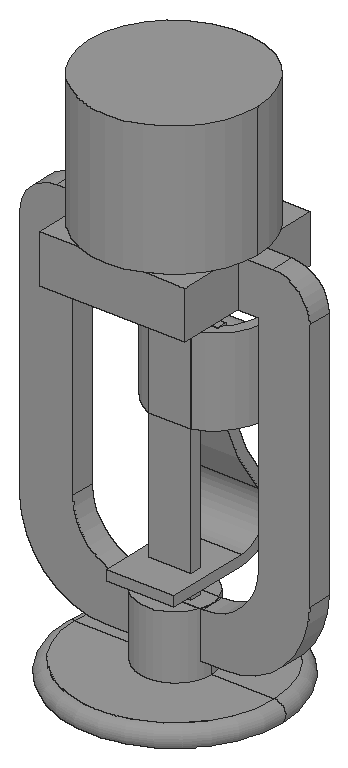
Revit family
Parameters (values of type "RASCO G PENDENT")
  Temperature Rating = 212 °F
  Response = (empty or 0)
  RASCO SIN # = "R1015"
  RASCO Part # = "GP2B"
  Pressure Rating = "175 PSI"
  Pressure Class = (empty or 0)
  Orifice Size = 1/2"
  Orifice = (empty or 0)
  Model = "G"
  Manufacturer = "RASCO"
  K-Factor = 5.62
  Description = "Bronze Finish"
  Coverage = (empty or 0)
Reference planes (in)
  plane 1 "Center (Front/Back)": y = 0
  plane 2: z = 0
  plane 3 "Center (Left/Right)": x = 0
Dimensions and locks (in)
  aligned and locked: plane 2 to level
Nested families (in)
  nested 1: "GP2B" at (-0.0055, -0.0269, 2.875) x (-1, 0, 0) z (0, 0, -1), type "RASCO G PENDENT"
Connectors (in)
  piping at (-0.0055, -0.0269, 2.875)
    settings: on nested 1, index 1, connector radius 0.45", flow factor 0, pipe flow 0 GPM, pressure drop 0.00 psi, fitting loss kfactor 0, connector angle 0.00°, fixture units 0, flow configuration 0, flow direction 0, fitting loss method 0, system type 7, connector reference index -1, connector utility 0, adjustable connector no, is connector primary yes, fitting loss table "", connector description ""
Definition of nested family "GP2B"
  Parameters (values of type "RASCO G PENDENT")
    Type Comments = ""
    Temperature Rating = 0 °F
    Response = (empty or 0)
    Pressure Rating = "0"
    Pressure Class = (empty or 0)
    Orifice Size = 0"
    Orifice = (empty or 0)
    Model = ""
    Manufacturer = ""
    K-Factor = 0
    Description = ""
    Coverage = (empty or 0)
    Assembly Code = ""
  Reference planes (in)
    plane 1 "Center (Front/Back)": y = 0
    plane 2: z = 0
    plane 3 "ref.2": z = 0.6875
    plane 4 "ref.3": z = 0.9375
    plane 5: x = -0.38065
    plane 6: x = 0.36935
    plane 7 "ref. side 1": y = 0.06402
    plane 8 "ref. side 2": y = -0.06098
    plane 9 "ref.4": z = 1.875
    plane 10 "ref.5": z = 2.875
    plane 11 "center": x = -0.00574
  Forms (in)
    Extrusion 1, solid, material "Default"
      sketch origin (0, 0, 0) x (1, 0, 0) y (0, 1, 0)
        loop
          circle (0, 0) r 0.438
      from 0 to 0.6875
    Extrusion 2, solid, material "Default"
      sketch origin (-0.12185, 0.05177, 0.6875) x (1, 0, 0) y (0, 1, 0)
        loop
          line (-0.2588, 0.356) -> (-0.2588, -0.4565) -> (0.4912, -0.4565) -> (0.4912, 0.356) -> (-0.2588, 0.356)
      from 0 to 0.25
    Extrusion 3, solid, material "Default"
      sketch origin (0, 0, 0) x (1, 0, 0) y (0, 0, 1)
        loop
          line (-0.49248, 0.9375) -> (-0.49248, 2.10276)
          arc (-0.49248, 2.10276) -> (-0.40724, 2.30855) -> (-0.20145, 2.39379) r 0.29103
          line (-0.20145, 2.39379) -> (0.18108, 2.39379)
          arc (0.18108, 2.39379) -> (0.38905, 2.30765) -> (0.47519, 2.09969) r 0.29411
          line (0.47519, 2.09969) -> (0.47519, 0.9375) -> (0.36935, 0.9375) -> (0.36935, 0.6875) -> (0.55741, 0.6875)
          arc (0.55741, 0.6875) -> (0.69165, 0.7431) -> (0.74725, 0.87734) r 0.18984
          line (0.74725, 0.87734) -> (0.74725, 2.19113)
          arc (0.74725, 2.19113) -> (0.61669, 2.50631) -> (0.3015, 2.63687) r 0.44574
          line (0.3015, 2.63687) -> (-0.30719, 2.63687)
          arc (-0.30719, 2.63687) -> (-0.62225, 2.50637) -> (-0.75275, 2.19131) r 0.44556
          line (-0.75275, 2.19131) -> (-0.75275, 0.87876)
          arc (-0.75275, 0.87876) -> (-0.69673, 0.74352) -> (-0.56149, 0.6875) r 0.19126
          line (-0.56149, 0.6875) -> (-0.38065, 0.6875) -> (-0.38065, 0.9375) -> (-0.49248, 0.9375)
      from -0.06402 to 0.06098
    Extrusion 4, solid, material "Default"
      sketch origin (-0.00199, 0, 2.4375) x (-1, 0, 0) y (0, -1, 0)
        loop
          circle (0.00574, -0.00152) r 0.1875
      from -0.04371 to 0.4375
    Revolve 5, solid, material "Default"
      sketch origin (-0.0011, 0, 0.30638) x (1, 0, 0) y (0, 0, 1)
        loop
          line (-0.00574, 2.41507) -> (-0.00574, 2.52719) -> (-0.52401, 2.52719)
          arc (-0.52401, 2.52719) -> (-0.58007, 2.47113) -> (-0.52401, 2.41507) r 0.05606
          line (-0.52401, 2.41507) -> (-0.00574, 2.41507)
        axis (-0.00574, 2.41507) -> (-0.00574, 2.52719)
      angle from 0 to 360
    Extrusion 6, solid, material "Default"
      sketch origin (0, 0, 0.9375) x (-1, 0, 0) y (0, -1, 0)
        loop
          line (-0.10175, -0.02852) -> (0.11324, -0.02852) -> (0.11324, 0.03101) -> (-0.10175, 0.03101) -> (-0.10175, -0.02852)
      from 0 to 1.45629
    Extrusion 7, solid, material "Default"
      sketch origin (-0.00574, -0.0095, -0.07537) x (0, 0, -1) y (0, -1, 0)
        loop
          line (-2.39379, 0.21198) -> (-2.39379, -0.229)
          arc (-2.39379, -0.229) -> (-2.26956, -0.41579) -> (-2.04926, -0.37342) r 0.20254
          arc (-2.04926, -0.37342) -> (-1.6599, -0.16721) -> (-1.22163, -0.12207) r 1.15319
          line (-1.22163, -0.12207) -> (-1.22163, -0.07087)
          arc (-1.22163, -0.07087) -> (-1.6782, -0.11947) -> (-2.0834, -0.33544) r 1.20419
          arc (-2.0834, -0.33544) -> (-2.24878, -0.36919) -> (-2.34279, -0.229) r 0.15154
          line (-2.34279, -0.229) -> (-2.34279, 0.21198) -> (-2.39379, 0.21198)
      from -0.17255 to 0.17398
    Extrusion 8, solid, material "Default"
      sketch origin (0, 0, 0) x (1, 0, 0) y (0, 1, 0)
        loop
          arc (0.23993, 0.23051) -> (0.19768, 0.11115) -> (0.10175, 0.02852) r 0.24647
          line (0.10175, 0.02852) -> (-0.11324, 0.02852)
          arc (-0.11324, 0.02852) -> (-0.21767, 0.12447) -> (-0.25194, 0.2621) r 0.24647
          line (-0.25194, 0.2621) -> (-0.25194, 0.40777) -> (-0.30719, 0.40777) -> (-0.30719, 0.25942)
          arc (-0.30719, 0.25942) -> (-0.25653, 0.08328) -> (-0.11324, -0.03101) r 0.30157
          line (-0.11324, -0.03101) -> (0.10175, -0.03101)
          arc (0.10175, -0.03101) -> (0.24461, 0.08262) -> (0.29574, 0.25785) r 0.30157
          line (0.29574, 0.25785) -> (0.29574, 0.40777) -> (0.23993, 0.40777) -> (0.23993, 0.23051)
      from 1.14626 to 1.59756
    Extrusion 9, solid, material "Default"
      sketch origin (-0.00574, -0.0095, -0.07537) x (0, 0, -1) y (0, -1, 0)
        loop
          circle (-1.44728, -0.26892) r 0.13147
      from -0.24568 to 0.24619
  Cuts and joins
    joined: Extrusion 1, Extrusion 2, Revolve 5
  Dimensions and locks (in)
    plane 10 "ref.5" to level = 2.875"
